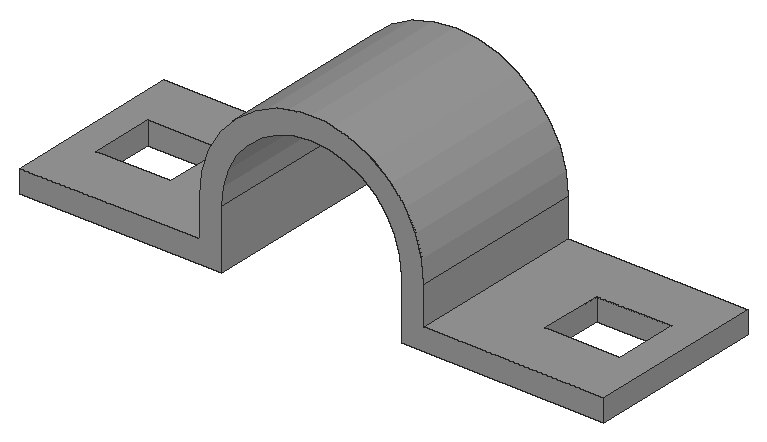
Revit family "Befestigungsschelle WN 7855 B12", category Generic Models, Revit 2017
Family settings
  Can host rebar = No
  Round Connector Dimension = Use Diameter
  Part Type = Normal
  Work Plane-Based = No
  Always vertical = Yes
  Cut with Voids When Loaded = No
  Shared = No
  Room Calculation Point = No
Parameters (values of type "WN 7855 B 12")
  URL = "http://www.obo-bettermann.com"
  Material = galvanisch verzinkt, transparent passiviert
  Manufacturer Art.No. = "1044214"
  Manufacturer = "OBO BETTERMANN"
  GTIN = "4012195030195"
  Diameter = 12 mm
  Article Type = "WN 7855 B 12"
Reference planes
  plane 1 "Center (Front/Back)": y = 0
  plane 2: z = 0
  plane 3 "Center (Left/Right)": x = 0
  plane 4: z = 10
  plane 5: x = 39
  plane 6: x = 19.5
  plane 7: z = 4
  plane 8: z = -2
  plane 9: z = 4
  plane 10: z = 4
  plane 11: y = 12
  plane 12: y = 6
  plane 13: x = 4.5
  plane 14: x = 19.5
  plane 15: x = 19.493
  plane 16: y = 6
  plane 17: x = 34.485
  plane 18: x = 19.485
Forms (mm)
  Extrusion 1, solid, material "galvanisch verzinkt, transparent passiviert" <- "Material"
    sketch origin (0, 0, 0) x (1, 0, 0) y (0, 0, 1)
      loop
        arc (13.5, 4) -> (19.5, 10) -> (25.5, 4) r 6
        line (25.5, 4) -> (25.5, 0) -> (39, 0) -> (39, 1.5) -> (27, 1.5) -> (27, 4)
        arc (27, 4) -> (19.5, 11.5) -> (12, 4) r 7.5
        line (12, 4) -> (12, 1.5) -> (0, 1.5) -> (0, 0) -> (13.5, 0) -> (13.5, 4)
    from 0 to -12
  Extrusion 2, void
    sketch origin (0, 0, 0) x (1, 0, 0) y (0, 1, 0)
      loop
        line (2, 8.15) -> (2, 3.85) -> (7, 3.85) -> (7, 8.15) -> (2, 8.15)
    from 0 to 1.5
  Extrusion 3, void
    sketch origin (38.985, 0, 0) x (-1, 0, 0) y (0, -1, 0)
      loop
        line (2, -8.15) -> (7, -8.15) -> (7, -3.85) -> (2, -3.85) -> (2, -8.15)
    from 0 to 1.5
Cuts and joins
  Extrusion 2, Extrusion 3 cuts Extrusion 1
Dimensions and locks
  locked: plane 6 to plane 3 "Center (Left/Right)" at 19.5
  locked: plane 4 to plane 7 at 6
  locked: Extrusion 1 sketch curve to Extrusion 1 sketch curve at 39
  locked: Extrusion 1 sketch curve to Extrusion 1 sketch curve at 1.5  (x2)
  locked: Extrusion 1 sketch curve to Extrusion 1 sketch curve at 10
  locked: Extrusion 1 sketch curve to Extrusion 1 sketch curve at 11.5
  locked: Extrusion 1 to Extrusion 1 at 12
  locked: Extrusion 1 to plane 12 at 6
  locked: plane 3 "Center (Left/Right)" to plane 14 at 19.5
  locked: plane 13 to plane 14 at 15
  locked: Extrusion 2 sketch curve to Extrusion 2 sketch curve at 5
  locked: plane 13 to Extrusion 2 sketch curve at 2.5
  locked: Extrusion 2 sketch curve to Extrusion 2 sketch curve at 4.3
  locked: plane 12 to Extrusion 2 sketch curve at 2.15
  locked: plane 3 "Center (Left/Right)" to plane 15 at 19.493
  locked: plane 17 to plane 18 at 15
  locked: Extrusion 3 sketch curve to Extrusion 3 sketch curve at 5
  locked: plane 17 to Extrusion 3 sketch curve at 2.5
  locked: Extrusion 3 sketch curve to Extrusion 3 sketch curve at 4.3
  locked: plane 16 to Extrusion 3 sketch curve at 2.15
  aligned and locked: level to plane 2
  aligned and locked: plane 10 to Extrusion 1 sketch curve
  aligned and locked: Extrusion 1 sketch curve to plane 3 "Center (Left/Right)"
  aligned and locked: plane 11 to Extrusion 1
  aligned and locked: Extrusion 2 to level
  aligned and locked: Extrusion 1 to Extrusion 2
Automatic sketch dimensions
  Extrusion 1 sketch curve to Extrusion 1 sketch curve = 0 mm  (x2)
  Extrusion 1 sketch curve to level = 0 mm  (x2)
  Extrusion 1 sketch curve to plane 6 = 0 mm
  Extrusion 1 sketch curve to plane 7 = 0 mm
